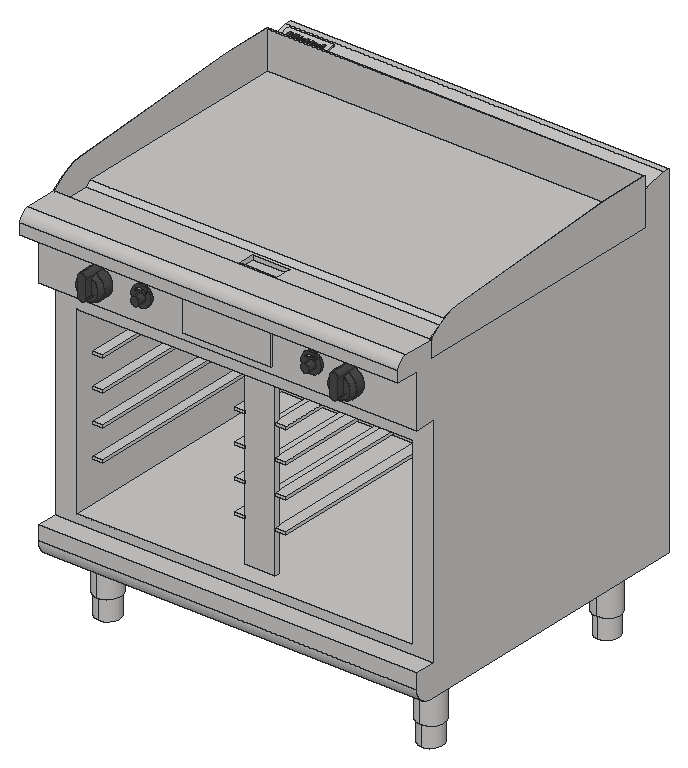
Revit family "QF_MOFFAT WALDORF_GPL8900G-CB", category Specialty Equipment, Revit 2012
Parameters
  Weight in Pounds = 440.924  # constant formula
  Width [instance] = 900.00 mm  # constant formula
  URL Cutsheet = "www.moffat.com"
  URL = "www.moffat.com"
  Type Mark [instance] = ""
  Status [instance] = ""
  Specification by User [instance] = ""
  Specification by Manufacturer = ""
  Show Logo [instance] = yes
  Show Casters [instance] = no
  Serial Number = ""
  Seismic Rating = ""
  SMACNA No = ""
  Revision Code [instance] = ""
  Omniclass Number and Title = ""
  NAFEM Spec ID Number = ""
  Model = "GPL8900G-CB"
  Mechanical Remarks = ""
  Mechanical Connection Type = ""
  Masterspec = ""
  Manufacturer = "MOFFAT WALDORF"
  Legs [instance] = not(Show Casters)  # yes
  Item Number [instance] = ""
  Installed By [instance] = ""
  Identify Quantity as Lot [instance] = yes
  Height = 970.00 mm  # constant formula
  Gas Size = 3/4"
  Gas RI Height = 0.00 mm
  Gas KW = 22.2
  Gas Input = 75825.0 Btu/h
  Gas Connection Height = 0.00 mm
  Furnished By [instance] = ""
  Foodservice Equipment Identifier [instance] = yes
  Description = "GRIDDLE PLATE LOW SPLASHBACK GAS ON CABINET BASE"
  Depth [instance] = 805.00 mm  # constant formula
  CSI MasterFormat = ""
  CSI Master Format = ""
  Back Splash [instance] = 215.00 mm  # constant formula
Reference planes
  plane 1 "BACK": y = 0
  plane 2: z = 0
  plane 3 "LEFT": x = 0
  plane 4 "RIGHT": x = 900
  plane 5 "FRONT": y = -805
  plane 6 "TOP": z = 970
  plane 7 "Center Y": x = 450
  plane 8 "Center X": y = -402.5
  plane 9 "Base Height": z = 150
  plane 10: z = 915
  plane 11: x = 65
  plane 12: x = 834
  plane 13: y = -625
  plane 14: y = -100
  plane 15: x = 770
  plane 16: z = 655
  plane 17: y = -32
Forms (mm)
  Extrusion 1, solid, material "QF_Finishes_Stainless Steel"
    sketch origin (0, 0, 0) x (0, 1, 0) y (0, 0, 1)
      loop
        line (-699, 222.5) -> (-749, 222.5) -> (-749, 188)
        arc (-749, 188) -> (-737.87, 161.13) -> (-711, 150) r 38
        line (-711, 150) -> (-699, 150) -> (-699, 222.5)
      loop
        line (-100, 150) -> (0, 150) -> (0, 970) -> (-15, 970) -> (-61.106, 957.646)
        arc (-61.106, 957.646) -> (-67.52, 953.36) -> (-70, 946.055) r 12
        line (-70, 946.055) -> (-70, 875) -> (-705, 875) -> (-705, 915) -> (-781, 915)
        arc (-781, 915) -> (-797.971, 907.971) -> (-805, 891) r 24
        line (-805, 891) -> (-805, 866) -> (-749, 866) -> (-749, 740) -> (-100, 740) -> (-100, 150)
    from 0 to 900
  Revolve 2, solid, material "QF_Finishes_Stainless Steel", visible <- "Legs"
    sketch origin (834, -210, 0) x (0, 1, 0) y (0, 0, -1)
      loop
        line (78.25, -150) -> (110, -150) -> (110, 0) -> (82.5, 0) -> (82.5, -50) -> (78.25, -50) -> (78.25, -150)
      axis (110, -150) -> (110, 0)
    angle from 0 to 360
  Revolve 3, solid, material "QF_Finishes_Stainless Steel"
    sketch origin (834, -735, 0) x (0, 1, 0) y (0, 0, -1)
      loop
        line (78.25, -150) -> (110, -150) -> (110, 0) -> (82.5, 0) -> (82.5, -50) -> (78.25, -50) -> (78.25, -150)
      axis (110, -150) -> (110, 0)
    angle from 0 to 360
  Revolve 4, solid, material "QF_Finishes_Stainless Steel", visible <- "Legs"
    sketch origin (65, -210, 0) x (0, 1, 0) y (0, 0, -1)
      loop
        line (78.25, -150) -> (110, -150) -> (110, 0) -> (82.5, 0) -> (82.5, -50) -> (78.25, -50) -> (78.25, -150)
      axis (110, -150) -> (110, 0)
    angle from 0 to 360
  Revolve 5, solid, material "QF_Finishes_Stainless Steel"
    sketch origin (65, -735, 0) x (0, 1, 0) y (0, 0, -1)
      loop
        line (78.25, -150) -> (110, -150) -> (110, 0) -> (82.5, 0) -> (82.5, -50) -> (78.25, -50) -> (78.25, -150)
      axis (110, -150) -> (110, 0)
    angle from 0 to 360
  Revolve 6, solid, material "QF_Finishes_Black"
    sketch origin (150, 0, 602.373) x (0, 1, 0) y (0, 0, -1)
      loop
        line (-782, -229.5) -> (-759, -229.5) -> (-759, -202) -> (-749, -202) -> (-749, -197) -> (-793, -197) -> (-793, -223.651) -> (-782, -229.5)
      axis (-793, -197) -> (-749, -197)
    angle from 0 to 360
  Extrusion 7, solid, material "QF_Finishes_Black"
    sketch origin (288.27, 0, 602.531) x (-1, 0, 0) y (0, 0, -1)
      loop
        arc (148.269, -184.969) -> (138.269, -174.969) -> (128.269, -184.969) r 10
        line (128.269, -184.969) -> (128.269, -223.969)
        arc (128.269, -223.969) -> (138.269, -233.969) -> (148.269, -223.969) r 10
        line (148.269, -223.969) -> (148.269, -184.969)
    from 759 to 808
  Extrusion 8, solid, material "QF_Finishes_Stainless Steel"
    sketch origin (-295, -749, 866) x (0, 0, -1) y (1, 0, 0)
      loop
        line (24, 640) -> (111, 640) -> (111, 850) -> (24, 850) -> (24, 640)
    from 0 to 2.5
  Extrusion 9, solid, material "QF_Finishes_Stainless Steel"
    sketch origin (-295, -751.5, 866) x (0, 0, -1) y (1, 0, 0)
      loop
        line (31, 850) -> (24, 850) -> (24, 640) -> (31, 640) -> (31, 850)
    from 0 to 5
  Extrusion 10, solid, material "QF_Finishes_Black"
    sketch origin (0, -749, 866) x (0, 0, -1) y (1, 0, 0)
      loop
        circle (66.25, 247.5) r 24
      loop
        arc (56.35, 262.413) -> (48.314, 247.625) -> (56.132, 232.719) r 17.868
        arc (56.132, 232.719) -> (56.612, 232.434) -> (57.127, 232.649) r 0.621
        arc (57.127, 232.649) -> (58.564, 235.208) -> (58.908, 238.122) r 7.495
        arc (58.908, 238.122) -> (58.704, 239.05) -> (58.256, 239.888) r 3.472
        arc (58.256, 239.888) -> (55.964, 247.351) -> (58.094, 254.862) r 13.786
        arc (58.094, 254.862) -> (58.734, 256.132) -> (58.999, 257.528) r 5.101
        arc (58.999, 257.528) -> (58.628, 260.047) -> (57.334, 262.239) r 6.611
        arc (57.334, 262.239) -> (56.872, 262.497) -> (56.35, 262.413) r 0.806
    from 0 to 5
  Extrusion 11, solid, material "QF_Finishes_Black"
    sketch origin (0, -754, 866) x (0, 0, -1) y (1, 0, 0)
      loop
        circle (69.75, 247.5) r 10
    from 0 to 18.251
  Extrusion 12, solid, material "QF_Finishes_Stainless Steel"
    sketch origin (0, -699, 685) x (1, 0, 0) y (0, -1, 0)
      loop
        circle (770, -667) r 13.5
    from -55 to 30
  Revolve 13, solid, material "QF_Finishes_Black"
    sketch origin (750, 0, 602.373) x (0, 1, 0) y (0, 0, 1)
      loop
        line (-782, 229.5) -> (-793, 223.651) -> (-793, 197) -> (-749, 197) -> (-749, 202) -> (-759, 202) -> (-759, 229.5) -> (-782, 229.5)
      axis (-793, 197) -> (-749, 197)
    angle from 0 to 360
  Extrusion 14, solid, material "QF_Finishes_Black"
    sketch origin (611.73, 0, 602.531) x (1, 0, 0) y (0, 0, 1)
      loop
        line (148.269, 184.969) -> (148.269, 223.969)
        arc (148.269, 223.969) -> (138.269, 233.969) -> (128.269, 223.969) r 10
        line (128.269, 223.969) -> (128.269, 184.969)
        arc (128.269, 184.969) -> (138.269, 174.969) -> (148.269, 184.969) r 10
    from 759 to 808
  Extrusion 15, solid, material "QF_Finishes_Black"
    sketch origin (900, -749, 866) x (0, 0, -1) y (1, 0, 0)
      loop
        circle (66.25, -247.5) r 24
      loop
        arc (56.35, -262.413) -> (56.872, -262.497) -> (57.334, -262.239) r 0.806
        arc (57.334, -262.239) -> (58.628, -260.047) -> (58.999, -257.528) r 6.611
        arc (58.999, -257.528) -> (58.734, -256.132) -> (58.094, -254.862) r 5.101
        arc (58.094, -254.862) -> (55.964, -247.351) -> (58.256, -239.888) r 13.786
        arc (58.256, -239.888) -> (58.704, -239.05) -> (58.908, -238.122) r 3.472
        arc (58.908, -238.122) -> (58.564, -235.208) -> (57.127, -232.649) r 7.495
        arc (57.127, -232.649) -> (56.612, -232.434) -> (56.132, -232.719) r 0.621
        arc (56.132, -232.719) -> (48.314, -247.625) -> (56.35, -262.413) r 17.868
    from 0 to 5
  Extrusion 16, solid, material "QF_Finishes_Black"
    sketch origin (900, -754, 866) x (0, 0, -1) y (1, 0, 0)
      loop
        circle (69.75, -247.5) r 10
    from 0 to 18.251
  Extrusion 17, solid, material "QF_Finishes_Stainless Steel"
    sketch origin (0, -100, 685) x (0, 0, 1) y (-1, 0, 0)
      loop
        line (55, 0) -> (-535, 0) -> (-535, -900) -> (55, -900) -> (55, 0)
      loop
        line (-5, -50) -> (-442.5, -50) -> (-442.5, -850) -> (-5, -850) -> (-5, -50)
    from 0 to 599
  Extrusion 18, solid, material "QF_Finishes_Stainless Steel"
    sketch origin (0, -100, 685) x (0, 0, 1) y (-1, 0, 0)
      loop
        line (-5, -485.5) -> (-5, -414.5) -> (-442.5, -414.5) -> (-442.5, -485.5) -> (-5, -485.5)
    from 543.302 to 553.302
  Extrusion 19, solid, material "QF_Finishes_Stainless Steel"
    sketch origin (0, -100, 685) x (0, 0, 1) y (-1, 0, 0)
      loop
        line (-196.25, -414.5) -> (-189.9, -414.5) -> (-189.9, -389.5) -> (-196.25, -389.5) -> (-196.25, -414.5)
      loop
        line (-271.25, -414.5) -> (-264.9, -414.5) -> (-264.9, -389.5) -> (-271.25, -389.5) -> (-271.25, -414.5)
      loop
        line (-271.25, -50) -> (-271.25, -75) -> (-264.9, -75) -> (-264.9, -50) -> (-271.25, -50)
      loop
        line (-189.9, -75) -> (-189.9, -50) -> (-196.25, -50) -> (-196.25, -75) -> (-189.9, -75)
      loop
        line (-346.25, -414.5) -> (-339.9, -414.5) -> (-339.9, -389.5) -> (-346.25, -389.5) -> (-346.25, -414.5)
      loop
        line (-346.25, -50) -> (-346.25, -75) -> (-339.9, -75) -> (-339.9, -50) -> (-346.25, -50)
      loop
        line (-121.25, -414.5) -> (-114.9, -414.5) -> (-114.9, -389.5) -> (-121.25, -389.5) -> (-121.25, -414.5)
      loop
        line (-114.9, -75) -> (-114.9, -50) -> (-121.25, -50) -> (-121.25, -75) -> (-114.9, -75)
      loop
        line (-196.25, -485.5) -> (-196.25, -510.5) -> (-189.9, -510.5) -> (-189.9, -485.5) -> (-196.25, -485.5)
      loop
        line (-271.25, -485.5) -> (-271.25, -510.5) -> (-264.9, -510.5) -> (-264.9, -485.5) -> (-271.25, -485.5)
      loop
        line (-271.25, -850) -> (-264.9, -850) -> (-264.9, -825) -> (-271.25, -825) -> (-271.25, -850)
      loop
        line (-189.9, -825) -> (-196.25, -825) -> (-196.25, -850) -> (-189.9, -850) -> (-189.9, -825)
      loop
        line (-346.25, -485.5) -> (-346.25, -510.5) -> (-339.9, -510.5) -> (-339.9, -485.5) -> (-346.25, -485.5)
      loop
        line (-346.25, -850) -> (-339.9, -850) -> (-339.9, -825) -> (-346.25, -825) -> (-346.25, -850)
      loop
        line (-121.25, -485.5) -> (-121.25, -510.5) -> (-114.9, -510.5) -> (-114.9, -485.5) -> (-121.25, -485.5)
      loop
        line (-114.9, -825) -> (-121.25, -825) -> (-121.25, -850) -> (-114.9, -850) -> (-114.9, -825)
    from 0 to 553.302
  Extrusion 20, void
    sketch origin (0, 0, 150) x (-1, 0, 0) y (0, -1, 0)
      loop
        line (-832.738, 87.26) -> (-832.738, -30.24) -> (-703.238, -30.24) -> (-703.238, 38.76) -> (-751.738, 87.26) -> (-832.738, 87.26)
    from 72.5 to 590
Cuts and joins
  joined: Extrusion 8, Extrusion 9
  Extrusion 20 cuts Extrusion 1
  joined: Extrusion 1, Extrusion 17
Lines and regions (mm)
  Split face 1
    outline origin (12.5, -17.878, 969.229) x (0, -0.965926, -0.258819) y (1, 0, 0)
      loop
        line (2.411, 151.462) -> (37.194, 151.462) -> (37.194, 169.241) -> (2.411, 169.241) -> (2.411, 151.462)
  Split face 2
    outline origin (66.25, -17.878, 969.229) x (0, -0.965926, -0.258819) y (1, 0, 0)
      loop
        line (2.411, 151.462) -> (37.194, 151.462) -> (37.194, 169.241) -> (2.411, 169.241) -> (2.411, 151.462)
  Split face 3
    outline origin (120, -17.878, 969.229) x (0, -0.965926, -0.258819) y (1, 0, 0)
      loop
        line (2.411, 151.462) -> (37.194, 151.462) -> (37.194, 169.241) -> (2.411, 169.241) -> (2.411, 151.462)
  Split face 4
    outline origin (-121.25, -17.878, 969.229) x (0, -0.965926, -0.258819) y (1, 0, 0)
      loop
        line (2.411, 451.462) -> (37.194, 451.462) -> (37.194, 469.241) -> (2.411, 469.241) -> (2.411, 451.462)
  Split face 5
    outline origin (-67.5, -17.878, 969.229) x (0, -0.965926, -0.258819) y (1, 0, 0)
      loop
        line (2.411, 451.462) -> (37.194, 451.462) -> (37.194, 469.241) -> (2.411, 469.241) -> (2.411, 451.462)
  Split face 6
    outline origin (-13.75, -17.878, 969.229) x (0, -0.965926, -0.258819) y (1, 0, 0)
      loop
        line (2.411, 451.462) -> (37.194, 451.462) -> (37.194, 469.241) -> (2.411, 469.241) -> (2.411, 451.462)
  Split face 7
    outline origin (40, -17.878, 969.229) x (0, -0.965926, -0.258819) y (1, 0, 0)
      loop
        line (2.411, 451.462) -> (37.194, 451.462) -> (37.194, 469.241) -> (2.411, 469.241) -> (2.411, 451.462)
  Split face 8
    outline origin (95, -17.878, 969.229) x (0, -0.965926, -0.258819) y (1, 0, 0)
      loop
        line (2.411, 451.462) -> (37.194, 451.462) -> (37.194, 469.241) -> (2.411, 469.241) -> (2.411, 451.462)
  Split face 9
    outline origin (148.257, -17.878, 969.229) x (0, -0.965926, -0.258819) y (1, 0, 0)
      loop
        line (2.411, 451.462) -> (37.194, 451.462) -> (37.194, 469.241) -> (2.411, 469.241) -> (2.411, 451.462)
  Split face 10
    outline origin (203.257, -17.878, 969.229) x (0, -0.965926, -0.258819) y (1, 0, 0)
      loop
        line (2.411, 451.462) -> (37.194, 451.462) -> (37.194, 469.241) -> (2.411, 469.241) -> (2.411, 451.462)
  Split face 11
    outline origin (256.727, -17.878, 969.229) x (0, -0.965926, -0.258819) y (1, 0, 0)
      loop
        line (2.411, 451.462) -> (37.194, 451.462) -> (37.194, 469.241) -> (2.411, 469.241) -> (2.411, 451.462)
  symbolic lines
    curve 1: line (0, 0, 0) -> (0, -805, 0)
    curve 2: line (900, 0, 0) -> (0, 0, 0)
    curve 3: line (900, -805, 0) -> (900, 0, 0)
    curve 4: line (0, -70, 0) -> (900, -70, 0)
    curve 5: line (0, -805, 0) -> (900, -805, 0)
    curve 6: line (12.5, -20.958, 0) -> (121.5, -20.958, 0)
    curve 7: line (12.5, -53.858, 0) -> (12.5, -20.958, 0)
    curve 8: line (121.5, -20.958, 0) -> (121.5, -53.858, 0)
    curve 9: line (12.5, -53.858, 0) -> (121.5, -53.858, 0)
    curve 10: line (181.741, -20.207, 0) -> (181.741, -53.804, 0)
    curve 11: line (181.741, -53.804, 0) -> (163.962, -53.804, 0)
    curve 12: line (163.962, -53.804, 0) -> (163.962, -20.207, 0)
    curve 13: line (163.962, -20.207, 0) -> (181.741, -20.207, 0)
    curve 14: line (217.712, -53.804, 0) -> (217.712, -20.207, 0)
    curve 15: line (217.712, -20.207, 0) -> (235.491, -20.207, 0)
    curve 16: line (235.491, -20.207, 0) -> (235.491, -53.804, 0)
    curve 17: line (235.491, -53.804, 0) -> (217.712, -53.804, 0)
    curve 18: line (289.241, -53.804, 0) -> (271.462, -53.804, 0)
    curve 19: line (271.462, -53.804, 0) -> (271.462, -20.207, 0)
    curve 20: line (271.462, -20.207, 0) -> (289.241, -20.207, 0)
    curve 21: line (289.241, -20.207, 0) -> (289.241, -53.804, 0)
    curve 22: line (347.991, -53.804, 0) -> (330.212, -53.804, 0)
    curve 23: line (330.212, -53.804, 0) -> (330.212, -20.207, 0)
    curve 24: line (330.212, -20.207, 0) -> (347.991, -20.207, 0)
    curve 25: line (347.991, -20.207, 0) -> (347.991, -53.804, 0)
    curve 26: line (401.741, -53.804, 0) -> (383.962, -53.804, 0)
    curve 27: line (383.962, -53.804, 0) -> (383.962, -20.207, 0)
    curve 28: line (383.962, -20.207, 0) -> (401.741, -20.207, 0)
    curve 29: line (401.741, -20.207, 0) -> (401.741, -53.804, 0)
    curve 30: line (455.491, -20.207, 0) -> (437.712, -20.207, 0)
    curve 31: line (437.712, -20.207, 0) -> (437.712, -53.804, 0)
    curve 32: line (437.712, -53.804, 0) -> (455.491, -53.804, 0)
    curve 33: line (455.491, -53.804, 0) -> (455.491, -20.207, 0)
    curve 34: line (491.462, -20.207, 0) -> (509.241, -20.207, 0)
    curve 35: line (509.241, -20.207, 0) -> (509.241, -53.804, 0)
    curve 36: line (509.241, -53.804, 0) -> (491.462, -53.804, 0)
    curve 37: line (491.462, -53.804, 0) -> (491.462, -20.207, 0)
    curve 38: line (546.462, -20.207, 0) -> (564.241, -20.207, 0)
    curve 39: line (564.241, -20.207, 0) -> (564.241, -53.804, 0)
    curve 40: line (564.241, -53.804, 0) -> (546.462, -53.804, 0)
    curve 41: line (546.462, -53.804, 0) -> (546.462, -20.207, 0)
    curve 42: line (617.498, -20.207, 0) -> (599.719, -20.207, 0)
    curve 43: line (599.719, -20.207, 0) -> (599.719, -53.804, 0)
    curve 44: line (599.719, -53.804, 0) -> (617.498, -53.804, 0)
    curve 45: line (617.498, -53.804, 0) -> (617.498, -20.207, 0)
    curve 46: line (672.498, -20.207, 0) -> (654.719, -20.207, 0)
    curve 47: line (654.719, -20.207, 0) -> (654.719, -53.804, 0)
    curve 48: line (654.719, -53.804, 0) -> (672.498, -53.804, 0)
    curve 49: line (672.498, -53.804, 0) -> (672.498, -20.207, 0)
    curve 50: line (725.968, -20.207, 0) -> (725.968, -53.804, 0)
    curve 51: line (725.968, -53.804, 0) -> (708.189, -53.804, 0)
    curve 52: line (708.189, -53.804, 0) -> (708.189, -20.207, 0)
    curve 53: line (708.189, -20.207, 0) -> (725.968, -20.207, 0)
Dimensions and locks
  equal spacing: plane 3 "LEFT", plane 7 "Center Y", plane 4 "RIGHT"
  "Width": plane 3 "LEFT" to plane 4 "RIGHT"
  equal spacing: plane 5 "FRONT", plane 8 "Center X", plane 1 "BACK"
  "Depth": plane 5 "FRONT" to plane 1 "BACK"
  locked: plane 10 to level at 915
  locked: plane 9 "Base Height" to level at 150
  plane 6 "TOP" to plane 10 = 55.00 mm
  plane 13 to plane 14 = 525.00 mm
  plane 12 to plane 11 = 769.00 mm
  "Height": plane 6 "TOP" to level
  plane 15 to plane 4 "RIGHT" = 130.00 mm
  plane 16 to level = 655.00 mm
  plane 17 to plane 1 "BACK" = 32.00 mm
  aligned and locked: level to plane 2
Automatic sketch dimensions
  plane 1 "BACK" to curve 1 = 0.00 mm
  curve 1 to plane 3 "LEFT" = 0.00 mm
  curve 2 to plane 4 "RIGHT" = 0.00 mm
  plane 5 "FRONT" to curve 1 = 0.00 mm
  plane 3 "LEFT" to curve 9 = 12.50 mm
  curve 9 to plane 17 = 21.858 mm
  plane 11 to curve 9 = 56.50 mm
  plane 17 to curve 12 = 11.793 mm
  curve 6 to curve 12 = 42.462 mm
  curve 12 to curve 10 = 17.779 mm
  plane 17 to curve 15 = 11.793 mm
  curve 10 to curve 15 = 35.971 mm
  curve 14 to curve 17 = 17.779 mm
  curve 4 to curve 7 = 16.142 mm
  curve 17 to plane 17 = 21.804 mm
  curve 12 to plane 17 = 21.804 mm
  plane 17 to curve 8 = 11.042 mm
  Revolve 2 sketch curve to plane 9 "Base Height" = 0.00 mm
  Revolve 2 sketch curve to level = 0.00 mm
  Revolve 2 sketch curve to plane 14 = 0.00 mm  (x2)
  Revolve 2 sketch curve to plane 14 = 27.50 mm
  Revolve 2 sketch curve to plane 14 = 31.75 mm
  level to Revolve 2 sketch curve = 50.00 mm
  Revolve 2 sketch curve to Revolve 2 sketch curve = 0.00 mm
  Revolve 2 sketch curve to Revolve 2 sketch curve = 55.00 mm
  Revolve 3 sketch curve to plane 9 "Base Height" = 0.00 mm
  Revolve 3 sketch curve to level = 0.00 mm
  Revolve 3 sketch curve to plane 13 = 0.00 mm  (x2)
  Revolve 3 sketch curve to plane 13 = 27.50 mm
  Revolve 3 sketch curve to plane 13 = 31.75 mm
  level to Revolve 3 sketch curve = 50.00 mm
  Revolve 3 sketch curve to Revolve 3 sketch curve = 0.00 mm
  Revolve 3 sketch curve to Revolve 3 sketch curve = 55.00 mm
  Revolve 4 sketch curve to plane 9 "Base Height" = 0.00 mm
  Revolve 4 sketch curve to level = 0.00 mm
  Revolve 4 sketch curve to plane 14 = 0.00 mm  (x2)
  Revolve 4 sketch curve to plane 14 = 27.50 mm
  Revolve 4 sketch curve to plane 14 = 31.75 mm
  level to Revolve 4 sketch curve = 50.00 mm
  Revolve 4 sketch curve to Revolve 4 sketch curve = 0.00 mm
  Revolve 4 sketch curve to Revolve 4 sketch curve = 55.00 mm
  Revolve 5 sketch curve to plane 9 "Base Height" = 0.00 mm
  Revolve 5 sketch curve to level = 0.00 mm
  Revolve 5 sketch curve to plane 13 = 0.00 mm  (x2)
  Revolve 5 sketch curve to plane 13 = 27.50 mm
  Revolve 5 sketch curve to plane 13 = 31.75 mm
  level to Revolve 5 sketch curve = 50.00 mm
  Revolve 5 sketch curve to Revolve 5 sketch curve = 0.00 mm
  Revolve 5 sketch curve to Revolve 5 sketch curve = 55.00 mm
  Extrusion 1 to Split face 1 sketch curve = 5.391 mm
  Split face 1 sketch curve to Extrusion 1 = 7.559 mm
  Split face 1 sketch curve to Extrusion 1 = 163.962 mm
  Split face 1 sketch curve to Split face 1 sketch curve = 17.779 mm
  Extrusion 1 to Split face 2 sketch curve = 5.391 mm
  Split face 2 sketch curve to Extrusion 1 = 7.559 mm
  Split face 2 sketch curve to Extrusion 1 = 217.712 mm
  Split face 2 sketch curve to Split face 2 sketch curve = 17.779 mm
  Extrusion 1 to Split face 3 sketch curve = 5.391 mm
  Split face 3 sketch curve to Extrusion 1 = 7.559 mm
  Split face 3 sketch curve to Extrusion 1 = 271.462 mm
  Split face 3 sketch curve to Split face 3 sketch curve = 17.779 mm
  Extrusion 1 to Split face 4 sketch curve = 5.391 mm
  Split face 4 sketch curve to Extrusion 1 = 7.559 mm
  Split face 4 sketch curve to Extrusion 1 = 330.212 mm
  Split face 4 sketch curve to Split face 4 sketch curve = 17.779 mm
  Extrusion 1 to Split face 5 sketch curve = 5.391 mm
  Split face 5 sketch curve to Extrusion 1 = 7.559 mm
  Split face 5 sketch curve to Extrusion 1 = 383.962 mm
  Split face 5 sketch curve to Split face 5 sketch curve = 17.779 mm
  Extrusion 1 to Split face 6 sketch curve = 5.391 mm
  Split face 6 sketch curve to Extrusion 1 = 7.559 mm
  Split face 6 sketch curve to Extrusion 1 = 437.712 mm
  Split face 6 sketch curve to Split face 6 sketch curve = 17.779 mm
  Extrusion 1 to Split face 7 sketch curve = 5.391 mm
  Split face 7 sketch curve to Extrusion 1 = 7.559 mm
  Split face 7 sketch curve to Extrusion 1 = 408.538 mm
  Split face 7 sketch curve to Split face 7 sketch curve = 17.779 mm
  Revolve 6 sketch curve to plane 5 "FRONT" = 12.00 mm
  Revolve 6 sketch curve to Revolve 6 sketch curve = 0.00 mm  (x2)
  Revolve 6 sketch curve to Revolve 6 sketch curve = 11.00 mm
  Revolve 6 sketch curve to Revolve 6 sketch curve = 12.70 mm
  Revolve 6 sketch curve to Revolve 6 sketch curve = 23.00 mm
  Revolve 6 sketch curve to Revolve 6 sketch curve = 10.00 mm
  Revolve 6 sketch curve to plane 10 = 83.127 mm
  Revolve 6 sketch curve to Revolve 6 sketch curve = 5.849 mm
  Revolve 6 sketch curve to Revolve 6 sketch curve = 27.50 mm
  Revolve 6 sketch curve to Revolve 6 sketch curve = 5.00 mm
  plane 11 to Extrusion 7 sketch curve = 95.001 mm
  Extrusion 7 sketch curve to Extrusion 7 sketch curve = 10.00 mm
  Extrusion 7 sketch curve to plane 10 = 88.50 mm
  Extrusion 7 sketch curve to Extrusion 7 sketch curve = 39.00 mm
  Extrusion 1 to Extrusion 8 sketch curve = 24.00 mm
  Extrusion 8 sketch curve to Extrusion 1 = 15.00 mm
  Extrusion 1 to Extrusion 8 sketch curve = 345.00 mm
  Extrusion 8 sketch curve to Extrusion 8 sketch curve = 210.00 mm
  Extrusion 9 sketch curve to Extrusion 8 = 0.00 mm  (x2)
  Extrusion 8 to Extrusion 9 sketch curve = 0.00 mm
  Extrusion 9 sketch curve to Extrusion 8 = 7.00 mm
  Extrusion 1 to Extrusion 10 sketch curve = 51.437 mm
  Extrusion 10 sketch curve to Extrusion 10 sketch curve = 0.958 mm
  Extrusion 10 sketch curve to Extrusion 10 sketch curve = 1.509 mm
  Extrusion 10 sketch curve to Extrusion 10 sketch curve = 4.01 mm
  Extrusion 10 sketch curve to Extrusion 10 sketch curve = 0.685 mm
  Extrusion 10 sketch curve to Extrusion 10 sketch curve = 2.447 mm
  Extrusion 10 sketch curve to Extrusion 10 sketch curve = 0.524 mm
  Extrusion 10 sketch curve to Extrusion 10 sketch curve = 0.381 mm
  Extrusion 10 sketch curve to Extrusion 10 sketch curve = 0.472 mm
  Extrusion 10 sketch curve to Extrusion 10 sketch curve = 0.00 mm  (x5)
  Extrusion 10 sketch curve to Extrusion 10 sketch curve = 0.602 mm
  Extrusion 10 sketch curve to Extrusion 10 sketch curve = 4.19 mm
  Extrusion 10 sketch curve to Extrusion 10 sketch curve = 2.809 mm
  Extrusion 10 sketch curve to Extrusion 10 sketch curve = 0.652 mm
  Extrusion 10 sketch curve to Extrusion 10 sketch curve = 0.905 mm
  Extrusion 10 sketch curve to Extrusion 10 sketch curve = 8.087 mm
  Extrusion 10 sketch curve to Extrusion 10 sketch curve = 0.069 mm
  Extrusion 10 sketch curve to Extrusion 10 sketch curve = 3.50 mm
  Extrusion 1 to Extrusion 10 sketch curve = 232.649 mm
  Extrusion 10 sketch curve to Extrusion 10 sketch curve = 0.07 mm
  Extrusion 10 sketch curve to Extrusion 10 sketch curve = 7.606 mm
  Extrusion 10 sketch curve to Extrusion 10 sketch curve = 0.007 mm
  Revolve 13 sketch curve to plane 5 "FRONT" = 12.00 mm
  Revolve 13 sketch curve to Revolve 13 sketch curve = 0.00 mm  (x2)
  Revolve 13 sketch curve to Revolve 13 sketch curve = 11.00 mm
  Revolve 13 sketch curve to Revolve 13 sketch curve = 12.70 mm
  Revolve 13 sketch curve to Revolve 13 sketch curve = 23.00 mm
  Revolve 13 sketch curve to Revolve 13 sketch curve = 10.00 mm
  Revolve 13 sketch curve to plane 10 = 115.627 mm
  Revolve 13 sketch curve to Revolve 13 sketch curve = 5.00 mm
  Revolve 13 sketch curve to Revolve 13 sketch curve = 26.651 mm
  Revolve 13 sketch curve to Revolve 13 sketch curve = 5.849 mm
  Extrusion 14 sketch curve to plane 15 = 30.001 mm
  Extrusion 14 sketch curve to Extrusion 14 sketch curve = 10.00 mm
  Extrusion 14 sketch curve to plane 10 = 127.50 mm
  Extrusion 14 sketch curve to Extrusion 14 sketch curve = 39.00 mm
  Extrusion 1 to Extrusion 15 sketch curve = 51.437 mm
  Extrusion 15 sketch curve to Extrusion 15 sketch curve = 0.958 mm
  Extrusion 15 sketch curve to Extrusion 15 sketch curve = 1.509 mm
  Extrusion 15 sketch curve to Extrusion 15 sketch curve = 4.01 mm
  Extrusion 15 sketch curve to Extrusion 15 sketch curve = 0.685 mm
  Extrusion 15 sketch curve to Extrusion 15 sketch curve = 2.447 mm
  Extrusion 15 sketch curve to Extrusion 15 sketch curve = 0.524 mm
  Extrusion 15 sketch curve to Extrusion 15 sketch curve = 0.381 mm
  Extrusion 15 sketch curve to Extrusion 15 sketch curve = 0.472 mm
  Extrusion 15 sketch curve to Extrusion 15 sketch curve = 0.00 mm  (x5)
  Extrusion 15 sketch curve to Extrusion 15 sketch curve = 0.602 mm
  Extrusion 15 sketch curve to Extrusion 15 sketch curve = 4.19 mm
  Extrusion 15 sketch curve to Extrusion 15 sketch curve = 2.809 mm
  Extrusion 15 sketch curve to Extrusion 15 sketch curve = 0.652 mm
  Extrusion 15 sketch curve to Extrusion 15 sketch curve = 0.905 mm
  Extrusion 15 sketch curve to Extrusion 15 sketch curve = 8.087 mm
  Extrusion 15 sketch curve to Extrusion 15 sketch curve = 0.069 mm
  Extrusion 15 sketch curve to Extrusion 15 sketch curve = 3.50 mm
  Extrusion 1 to Extrusion 15 sketch curve = 262.413 mm
  Extrusion 15 sketch curve to Extrusion 15 sketch curve = 0.175 mm
  Extrusion 15 sketch curve to Extrusion 15 sketch curve = 7.362 mm
  Extrusion 15 sketch curve to Extrusion 15 sketch curve = 0.007 mm
  Extrusion 1 to Split face 8 sketch curve = 5.391 mm
  Split face 8 sketch curve to Extrusion 1 = 7.559 mm
  Split face 8 sketch curve to Extrusion 1 = 353.538 mm
  Split face 8 sketch curve to Split face 8 sketch curve = 17.779 mm
  Extrusion 1 to Split face 9 sketch curve = 5.391 mm
  Split face 9 sketch curve to Extrusion 1 = 7.559 mm
  Split face 9 sketch curve to Extrusion 1 = 300.281 mm
  Split face 9 sketch curve to Split face 9 sketch curve = 17.779 mm
  Extrusion 1 to Split face 10 sketch curve = 5.391 mm
  Split face 10 sketch curve to Extrusion 1 = 7.559 mm
  Split face 10 sketch curve to Extrusion 1 = 245.281 mm
  Split face 10 sketch curve to Split face 10 sketch curve = 17.779 mm
  Extrusion 1 to Split face 11 sketch curve = 5.391 mm
  Split face 11 sketch curve to Extrusion 1 = 7.559 mm
  Split face 11 sketch curve to Extrusion 1 = 191.811 mm
  Split face 11 sketch curve to Split face 11 sketch curve = 17.779 mm
  plane 17 to curve 19 = 11.793 mm
  curve 15 to curve 19 = 35.971 mm
  curve 18 to curve 18 = 17.779 mm
  curve 18 to plane 17 = 21.804 mm
  plane 17 to curve 24 = 11.793 mm
  curve 20 to curve 24 = 40.971 mm
  curve 22 to curve 22 = 17.779 mm
  curve 22 to plane 17 = 21.804 mm
  plane 17 to curve 28 = 11.793 mm
  curve 24 to curve 28 = 35.971 mm
  curve 26 to curve 26 = 17.779 mm
  curve 26 to plane 17 = 21.804 mm
  curve 32 to plane 7 "Center Y" = 12.288 mm
  plane 7 "Center Y" to curve 30 = 5.491 mm
  curve 32 to plane 17 = 21.804 mm
  plane 17 to curve 33 = 11.793 mm
  curve 32 to curve 36 = 35.971 mm
  curve 36 to curve 36 = 17.779 mm
  curve 36 to plane 17 = 21.804 mm
  plane 17 to curve 37 = 11.793 mm
  curve 35 to curve 40 = 37.221 mm
  curve 40 to curve 40 = 17.779 mm
  curve 40 to plane 17 = 21.804 mm
  plane 17 to curve 41 = 11.793 mm
  plane 17 to curve 42 = 11.793 mm
  curve 38 to curve 42 = 35.478 mm
  curve 42 to curve 42 = 17.779 mm
  curve 44 to plane 17 = 21.804 mm
  plane 17 to curve 46 = 11.793 mm
  curve 42 to curve 46 = 37.221 mm
  curve 46 to curve 46 = 17.779 mm
  curve 48 to plane 17 = 21.804 mm
  curve 48 to curve 51 = 35.691 mm
  curve 51 to curve 50 = 17.779 mm
  curve 51 to plane 17 = 21.804 mm
  plane 17 to curve 52 = 11.793 mm
  Extrusion 1 sketch curve to plane 5 "FRONT" = 0.00 mm
  Extrusion 1 sketch curve to plane 10 = 0.00 mm
  Extrusion 1 sketch curve to plane 9 "Base Height" = 0.00 mm  (x2)
  Extrusion 1 sketch curve to plane 14 = 0.00 mm
  Extrusion 1 sketch curve to plane 6 "TOP" = 0.00 mm
  Extrusion 1 sketch curve to plane 1 "BACK" = 0.00 mm
  Extrusion 1 sketch curve to plane 5 "FRONT" = 24.00 mm
  Extrusion 1 sketch curve to Extrusion 1 sketch curve = 32.00 mm
  Extrusion 1 sketch curve to plane 5 "FRONT" = 56.00 mm
  Extrusion 1 sketch curve to Extrusion 1 sketch curve = 38.00 mm
  Extrusion 1 sketch curve to Extrusion 1 sketch curve = 44.00 mm
  Extrusion 1 sketch curve to Extrusion 1 sketch curve = 12.00 mm
  plane 14 to Extrusion 1 sketch curve = 30.00 mm
  Extrusion 1 sketch curve to Extrusion 1 sketch curve = 8.894 mm
  Extrusion 1 sketch curve to Extrusion 1 sketch curve = 3.106 mm
  Extrusion 1 sketch curve to Extrusion 1 sketch curve = 15.00 mm
  Extrusion 1 sketch curve to Extrusion 1 sketch curve = 34.50 mm
  plane 16 to Extrusion 1 sketch curve = 85.00 mm
  Extrusion 1 sketch curve to Extrusion 1 sketch curve = 25.00 mm
  Extrusion 1 sketch curve to plane 10 = 40.00 mm
  Extrusion 1 sketch curve to plane 6 "TOP" = 23.945 mm
  Extrusion 12 sketch curve to plane 15 = 0.00 mm
  Extrusion 12 sketch curve to plane 17 = 0.00 mm
  Extrusion 17 sketch curve to Extrusion 1 = 0.00 mm  (x4)
  Extrusion 1 to Extrusion 17 sketch curve = 92.50 mm
  Extrusion 1 to Extrusion 17 sketch curve = 60.00 mm
  Extrusion 1 to Extrusion 17 sketch curve = 50.00 mm  (x2)
  Extrusion 1 to Extrusion 19 sketch curve = 75.00 mm  (x2)
  Extrusion 1 to Extrusion 19 sketch curve = 188.75 mm  (x3)
  Extrusion 19 sketch curve to Extrusion 19 sketch curve = 0.00 mm  (x6)
  Extrusion 1 to Extrusion 19 sketch curve = 50.00 mm  (x4)
  Extrusion 19 sketch curve to Extrusion 19 sketch curve = 6.35 mm  (x16)
  Extrusion 19 sketch curve to Extrusion 19 sketch curve = 68.65 mm  (x12)
  Extrusion 19 sketch curve to Extrusion 19 sketch curve = 25.00 mm  (x16)
  Extrusion 19 sketch curve to Extrusion 19 sketch curve = 314.50 mm
  Extrusion 19 sketch curve to Extrusion 19 sketch curve = 71.00 mm  (x4)
  Extrusion 1 to Extrusion 18 sketch curve = 92.50 mm
  Extrusion 1 to Extrusion 18 sketch curve = 60.00 mm
  Extrusion 1 to Extrusion 18 sketch curve = 414.50 mm
  Extrusion 18 sketch curve to Extrusion 18 sketch curve = 71.00 mm
  plane 12 to Extrusion 20 sketch curve = 1.262 mm
  Extrusion 20 sketch curve to plane 15 = 18.262 mm
  Extrusion 20 sketch curve to plane 17 = 6.76 mm
  Extrusion 20 sketch curve to plane 15 = 66.762 mm
  Extrusion 20 sketch curve to plane 1 "BACK" = 30.24 mm
  plane 14 to Extrusion 20 sketch curve = 12.74 mm
  radius of Extrusion 10 sketch curve = 24.00 mm
  radius of Extrusion 11 sketch curve to Extrusion 10 = 3.786 mm
  radius of Extrusion 12 sketch curve = 13.50 mm
  radius of Extrusion 15 sketch curve = 24.00 mm
  radius of Extrusion 16 sketch curve to Extrusion 15 = 3.786 mm
Nested families
  nested 1: "GPL8900G-CB-CASTERS" at (65, -127.5, 0), Show Casters <- "Show Casters", visible <- "Show Casters", type "GPL8900G-CB-CASTERS"
    with Type Mark "", Status "", Specification by User "", Show Casters no, Revision Code "", Item Number "", Installed By "", Identify Quantity as Lot yes, Furnished By "", Foodservice Equipment Identifier yes
  nested 2: "GPL8900G-CB-CASTERS" at (835, -127.5, 0), Show Casters <- "Show Casters", visible <- "Show Casters", type "GPL8900G-CB-CASTERS"
    with Type Mark "", Status "", Specification by User "", Show Casters no, Revision Code "", Item Number "", Installed By "", Identify Quantity as Lot yes, Furnished By "", Foodservice Equipment Identifier yes
  nested 3: "GAS GRIDDLE PLATE" at (0, -70, 874.5), type "GAS GRIDDLE PLATE"
    with Type Mark "", Status "", Specification by User "", Show Clearance yes, Revision Code "", Item Number "", Installed By "", Identify Quantity as Lot yes, Furnished By "", Foodservice Equipment Identifier yes
  nested 4: "WALDORF LOGO_FACE BASE" at (12.5, -21.362, 968.295) x (1, 0, 0) z (0, -0.2588, 0.9659), visible <- "Show Logo", type "WALDORF LOGO_FACE BASE", detail levels medium+fine
    with Show Logo yes
Connectors
  piping at (770, -32, 655)
    settings: on Extrusion 12, index 1, connector radius 0.37402", flow factor 0, pipe flow 0 GPM, pressure drop 0.00 psi, fitting loss kfactor 0, connector angle 0.00°, fixture units 0, engagement length 0.00 mm, flow configuration 1, flow direction 1, fitting loss method 0, system type 7, joint type 0, gender type 0, connector reference index -1, connector utility 0, adjustable connector no, is connector primary yes, fitting loss table "", connector description "GAS CONNECTION"
Definition of nested family "GAS GRIDDLE PLATE"
  Parameters (values of type "GAS GRIDDLE PLATE")
    Weight in Pounds = 0
    URL Cutsheet = ""
    Type Mark [instance] = ""
    Status [instance] = ""
    Specification by User [instance] = ""
    Specification by Manufacturer = ""
    Show Clearance [instance] = yes
    Serial Number = ""
    Seismic Rating = ""
    SMACNA No = ""
    Revision Code [instance] = ""
    Omniclass Number and Title = ""
    NAFEM Spec ID Number = ""
    Masterspec = ""
    Item Number [instance] = ""
    Installed By [instance] = ""
    Identify Quantity as Lot [instance] = yes
    Furnished By [instance] = ""
    Foodservice Equipment Identifier [instance] = yes
    CSI MasterFormat = ""
    CSI Master Format = ""
  Reference planes
    plane 1 "BACK": y = 0
    plane 2: z = 0
    plane 3 "LEFT": x = 0
    plane 4 "RIGHT": x = 900
    plane 5 "FRONT": y = -634.4
    plane 6 "TOP": z = 142.5
    plane 7 "Center Y": x = 450
    plane 8 "Center X": y = -317.2
  Forms (mm)
    Extrusion 1, solid, material "QF_Finishes_Stainless Steel"
      sketch origin (0, 70.003, -874.5) x (0, 1, 0) y (0, 0, 1)
        loop
          line (-70, 875) -> (-70, 984.5) -> (-191.003, 984.5) -> (-626.368, 954.056)
          arc (-626.368, 954.056) -> (-652.773, 948.564) -> (-676.75, 936.215) r 100
          line (-676.75, 936.215) -> (-704.403, 916.852) -> (-704.403, 875) -> (-70, 875)
      from 0 to 1.8
    Extrusion 2, solid, material "QF_Finishes_Stainless Steel"
      sketch origin (150, 70.003, -874.5) x (0, 1, 0) y (0, 0, 1)
        loop
          line (-70, 895) -> (-601, 895) -> (-611.5, 884.5) -> (-704.403, 884.5) -> (-704.403, 875) -> (-70, 875) -> (-70, 895)
      from -148.2 to 748.2
    Extrusion 3, void
      sketch origin (-218.85, -541.497, 10) x (0, -1, 0) y (1, 0, 0)
        loop
          line (10, 713.7) -> (10, 625.2) -> (48.5, 625.2) -> (48.5, 713.7) -> (10, 713.7)
      from -41.4 to 40.142
    Extrusion 4, solid, material "QF_Finishes_Stainless Steel"
      sketch origin (150, 0.003, 211.574) x (0, 0, -1) y (1, 0, 0)
        loop
          line (101.574, -148.2) -> (191.074, -148.2) -> (191.074, 748.2) -> (101.574, 748.2) -> (101.574, -148.2)
      from 0 to 1.683
    Extrusion 5, solid, material "QF_Finishes_Stainless Steel"
      sketch origin (900, 70.003, -874.5) x (0, 1, 0) y (0, 0, -1)
        loop
          line (-70, -875) -> (-704.403, -875) -> (-704.403, -916.852) -> (-676.75, -936.215)
          arc (-676.75, -936.215) -> (-652.773, -948.564) -> (-626.368, -954.056) r 100
          line (-626.368, -954.056) -> (-191.003, -984.5) -> (-70, -984.5) -> (-70, -875)
      from 0 to 1.8
  Cuts and joins
    Extrusion 3 cuts Extrusion 2
  Lines and regions (mm)
    symbolic lines
      curve 1: line (898.2, -530.997, 0) -> (1.8, -530.997, 0)
      curve 2: line (1.8, -541.497, 0) -> (898.2, -541.497, 0)
      curve 3: line (406.35, -551.497, 0) -> (406.35, -589.997, 0)
      curve 4: line (406.35, -589.997, 0) -> (494.85, -589.997, 0)
      curve 5: line (494.85, -589.997, 0) -> (494.85, -551.497, 0)
      curve 6: line (494.85, -551.497, 0) -> (406.35, -551.497, 0)
      curve 7: line (1.8, -1.68, 0) -> (898.2, -1.68, 0)
      curve 8: line (898.2, -1.68, 0) -> (898.2, -634.4, 0)
      curve 9: line (1.8, -634.4, 0) -> (1.8, 0, 0)
      curve 10: line (1.8, -634.4, 0) -> (898.2, -634.4, 0)
  Dimensions and locks
    equal spacing: plane 3 "LEFT", plane 7 "Center Y", plane 4 "RIGHT"
    plane 3 "LEFT" to plane 4 "RIGHT" = 900.00 mm
    equal spacing: plane 5 "FRONT", plane 8 "Center X", plane 1 "BACK"
    plane 5 "FRONT" to plane 1 "BACK" = 634.40 mm
    aligned and locked: level to plane 2
  Automatic sketch dimensions
    plane 5 "FRONT" to curve 10 = 0.00 mm
    plane 3 "LEFT" to curve 10 = 1.80 mm
    curve 4 to plane 5 "FRONT" = 44.403 mm
    plane 4 "RIGHT" to curve 4 = 493.65 mm
    plane 4 "RIGHT" to curve 5 = 405.15 mm
    curve 3 to curve 3 = 38.50 mm
    curve 2 to plane 5 "FRONT" = 92.903 mm
    curve 2 to curve 1 = 10.50 mm
    plane 1 "BACK" to curve 9 = 0.00 mm
    Extrusion 1 sketch curve to plane 5 "FRONT" = 0.00 mm
    Extrusion 1 sketch curve to plane 5 "FRONT" = 27.653 mm
    Extrusion 1 sketch curve to Extrusion 1 sketch curve = 50.382 mm
    Extrusion 1 sketch curve to level = 20.20 mm
    Extrusion 1 sketch curve to plane 5 "FRONT" = 85.011 mm
    Extrusion 1 sketch curve to plane 6 "TOP" = 32.50 mm
    plane 1 "BACK" to Extrusion 1 sketch curve = 121.00 mm
    Extrusion 1 sketch curve to plane 1 "BACK" = 0.003 mm
    level to Extrusion 1 sketch curve = 0.50 mm
    Extrusion 1 sketch curve to Extrusion 1 sketch curve = 41.852 mm
    Extrusion 1 sketch curve to Extrusion 1 sketch curve = 19.363 mm
    Extrusion 2 sketch curve to plane 5 "FRONT" = 0.00 mm
    level to Extrusion 2 sketch curve = 10.00 mm
    Extrusion 2 sketch curve to Extrusion 2 sketch curve = 92.903 mm
    Extrusion 2 sketch curve to Extrusion 2 sketch curve = 10.50 mm  (x2)
    Extrusion 2 sketch curve to plane 1 "BACK" = 0.003 mm
    level to Extrusion 2 sketch curve = 0.50 mm
    Extrusion 2 to Extrusion 3 sketch curve = 10.00 mm
    Extrusion 3 sketch curve to Extrusion 3 sketch curve = 38.50 mm
    Extrusion 2 to Extrusion 3 sketch curve = 491.85 mm
    Extrusion 2 to Extrusion 3 sketch curve = 403.35 mm
    Extrusion 4 sketch curve to plane 6 "TOP" = 32.50 mm
    level to Extrusion 4 sketch curve = 20.50 mm
    plane 3 "LEFT" to Extrusion 4 sketch curve = 1.80 mm
    plane 7 "Center Y" to Extrusion 4 sketch curve = 448.20 mm
    Extrusion 5 sketch curve to plane 5 "FRONT" = 0.00 mm
    Extrusion 5 sketch curve to plane 5 "FRONT" = 27.653 mm
    Extrusion 5 sketch curve to Extrusion 5 sketch curve = 50.382 mm
    Extrusion 5 sketch curve to level = 20.20 mm
    Extrusion 5 sketch curve to plane 5 "FRONT" = 85.011 mm
    Extrusion 5 sketch curve to plane 6 "TOP" = 32.50 mm
    plane 1 "BACK" to Extrusion 5 sketch curve = 121.00 mm
    Extrusion 5 sketch curve to plane 1 "BACK" = 0.003 mm
    Extrusion 5 sketch curve to plane 6 "TOP" = 62.944 mm
    Extrusion 5 sketch curve to Extrusion 5 sketch curve = 19.363 mm
    level to Extrusion 5 sketch curve = 0.50 mm
    curve 7 to curve 9 = 0.00 mm
    plane 1 "BACK" to curve 8 = 1.68 mm
    plane 4 "RIGHT" to curve 7 = 1.80 mm
Definition of nested family "WALDORF LOGO_FACE BASE"
  Parameters (values of type "WALDORF LOGO_FACE BASE")
    Show Logo [instance] = yes
    Default Elevation = 1219.20 mm
  Reference planes
    plane 1 "Center (Front/Back)": y = 0
    plane 2: z = 0
    plane 3 "Center (Left/Right)": x = 0
  Forms (mm)
    Extrusion 1, solid
      sketch origin (0, 0, 0) x (1, 0, 0) y (0, 1, 0)
        loop
          line (-1219.2, 1219.2) -> (-1219.2, -1219.2) -> (1219.2, -1219.2) -> (1219.2, 1219.2) -> (-1219.2, 1219.2)
      from 0 to -304.8
    Extrusion 2, solid, material "QF_Finishes_Stainless Steel", visible <- "Show Logo"
      sketch origin (0, -33.217, 0) x (1, 0, 0) y (0, 1, 0)
        loop
          arc (5, 34.14) -> (1.464, 32.676) -> (0, 29.14) r 5
          line (0, 29.14) -> (0, 5)
          arc (0, 5) -> (1.464, 1.464) -> (5, 0) r 5
          line (5, 0) -> (104, 0)
          arc (104, 0) -> (107.536, 1.464) -> (109, 5) r 5
          line (109, 5) -> (109, 29.14)
          arc (109, 29.14) -> (107.536, 32.676) -> (104, 34.14) r 5
          line (104, 34.14) -> (5, 34.14)
      from 0 to 1.588
    Extrusion 3, solid, material "QF_Finishes_Black", visible <- "Show Logo"
      sketch origin (0, -33.217, 1.588) x (1, 0, 0) y (0, 1, 0)
        loop
          line (24.772, 23.214) -> (27.992, 10.301) -> (31.551, 10.301) -> (33.443, 17.364) -> (35.205, 10.301) -> (39.332, 10.301) -> (42.077, 23.214) -> (38.352, 23.214) -> (36.676, 15.33) -> (35, 23.214) -> (31.752, 23.214) -> (30.076, 15.33) -> (28.4, 23.214) -> (24.772, 23.214)
        loop
          line (42.272, 17.055) -> (45.703, 17.055)
          spline (45.703, 17.055) -> (45.741, 17.285) -> (45.852, 17.499) -> (46.028, 17.682) -> (46.258, 17.823) -> (46.526, 17.912) -> (46.813, 17.942) -> (47.1, 17.912) -> (47.368, 17.823) -> (47.597, 17.682) -> (47.774, 17.499) -> (47.884, 17.285) -> (47.922, 17.055)
          line (47.922, 17.055) -> (47.922, 16.222)
          arc (47.922, 16.222) -> (45.742, 16.014) -> (43.665, 15.317) r 9.604
          arc (43.665, 15.317) -> (41.924, 12.809) -> (43.665, 10.301) r 2.677
          arc (43.665, 10.301) -> (45.527, 10.353) -> (47.332, 10.816) r 8.365
          line (47.332, 10.816) -> (48.092, 11.105) -> (48.092, 10.301) -> (51.817, 10.301) -> (51.817, 17.055)
          spline (51.817, 17.055) -> (51.654, 17.821) -> (51.178, 18.535) -> (50.419, 19.148) -> (49.431, 19.619) -> (48.28, 19.914) -> (47.044, 20.015) -> (45.809, 19.914) -> (44.658, 19.619) -> (43.67, 19.148) -> (42.911, 18.535) -> (42.434, 17.821) -> (42.272, 17.055)
        loop
          line (53.151, 23.214) -> (53.151, 10.301) -> (57.37, 10.301) -> (57.37, 23.214) -> (53.151, 23.214)
        loop
          line (64.874, 23.214) -> (64.874, 18.857)
          arc (64.874, 18.857) -> (58.083, 15.11) -> (64.874, 11.363) r 4.429
          line (64.874, 11.363) -> (64.874, 10.301) -> (68.378, 10.301) -> (68.378, 23.214) -> (64.874, 23.214)
        loop
          arc (64.874, 16.083) -> (61.41, 14.987) -> (64.874, 13.891) r 1.905
          line (64.874, 13.891) -> (64.874, 16.083)
        loop
          circle (74.623, 15.223) r 5
        loop
          spline (74.623, 17.856) -> (74.355, 17.766) -> (74.105, 17.503) -> (73.891, 17.084) -> (73.726, 16.539) -> (73.623, 15.904) -> (73.588, 15.223) -> (73.623, 14.541) -> (73.726, 13.906) -> (73.891, 13.361) -> (74.105, 12.942) -> (74.355, 12.679) -> (74.623, 12.59)
          spline (74.623, 12.59) -> (74.891, 12.679) -> (75.141, 12.942) -> (75.355, 13.361) -> (75.52, 13.906) -> (75.623, 14.541) -> (75.659, 15.223) -> (75.623, 15.904) -> (75.52, 16.539) -> (75.355, 17.084) -> (75.141, 17.503) -> (74.891, 17.766) -> (74.623, 17.856)
        loop
          line (81.255, 19.813) -> (81.255, 10.301) -> (84.834, 10.301) -> (84.834, 14.176)
          arc (84.834, 14.176) -> (85.854, 16.093) -> (88.013, 16.32) r 2.313
          line (88.013, 16.32) -> (88.013, 19.813) -> (87.161, 19.813)
          arc (87.161, 19.813) -> (85.526, 19.266) -> (84.549, 17.844) r 2.717
          line (84.549, 17.844) -> (84.549, 19.813) -> (81.255, 19.813)
        loop
          line (90.249, 19.813) -> (88.91, 19.813) -> (88.91, 17.614) -> (90.249, 17.614) -> (90.249, 10.301) -> (93.998, 10.301) -> (93.998, 17.614) -> (95.418, 17.614) -> (95.418, 19.813) -> (93.998, 19.813)
          arc (93.998, 19.813) -> (94.414, 20.817) -> (95.418, 21.233) r 1.42
          line (95.418, 21.233) -> (95.418, 23.602) -> (93.317, 23.602)
          arc (93.317, 23.602) -> (91.343, 22.903) -> (90.249, 21.118) r 3.137
          line (90.249, 21.118) -> (90.249, 19.813)
        loop
          arc (15.241, 23.571) -> (8.392, 16.525) -> (15.241, 9.479) r 7.049
          line (15.241, 9.479) -> (15.241, 23.571)
        loop
          line (15.641, 23.571) -> (15.641, 9.479)
          arc (15.641, 9.479) -> (22.49, 16.525) -> (15.641, 23.571) r 7.049
        loop
          arc (47.922, 14.711) -> (46.266, 13.749) -> (47.922, 12.787) r 1.107
          line (47.922, 12.787) -> (47.922, 14.711)
      from 0 to 0.2
  Dimensions and locks
    aligned and locked: plane 2 to Extrusion 1
    aligned and locked: level to Extrusion 1
Definition of nested family "GPL8900G-CB-CASTERS"
  Parameters (values of type "BT8600-LS-CASTERS")
    Weight = ""
    URL Manufacturer = ""
    URL Cutsheet = ""
    URL = ""
    Type Mark [instance] = ""
    Status [instance] = ""
    Specification by User [instance] = ""
    Specification by Manufacturer = ""
    Show Casters [instance] = no
    Serial Number = ""
    Seismic Rating = ""
    SMACNA No = ""
    Revision Code [instance] = ""
    Omniclass Number and Title = ""
    NAFEM Spec ID Number = ""
    Model = ""
    MasterSpec. = ""
    Manufacturer = ""
    Item Number [instance] = ""
    Installed By [instance] = ""
    Identify Quantity as Lot [instance] = yes
    Furnished By [instance] = ""
    Foodservice Equipment Identifier [instance] = yes
    Description = ""
    CSI MasterFormat = ""
    CSI Master Format = ""
    Assembly Code = ""
  Reference planes
    plane 1: z = 0
    plane 2 "RIGHT": x = 0
    plane 3 "FRONT": y = 0
    plane 4 "Base Height": z = 150
  Forms (mm)
    Revolve 1, solid, material "QF_Finishes_Stainless Steel", visible <- "Show Casters"
      sketch origin (0, 56.335, 0) x (0, 1, 0) y (0, 0, 1)
        loop
          line (-56.335, 152.4) -> (-56.335, 141.118) -> (-23.798, 141.118) -> (-23.798, 152.4) -> (-56.335, 152.4)
        axis (-56.335, 141.118) -> (-56.335, 152.4)
      angle from 0 to 360
    Extrusion 2, solid, material "QF_Finishes_Stainless Steel", visible <- "Show Casters"
      sketch origin (-46.049, 56.335, 0) x (0, 1, 0) y (0, 0, 1)
        loop
          line (-85.799, 141.118) -> (-85.799, 133.498) -> (-82.136, 133.498)
          arc (-82.136, 133.498) -> (-79.344, 132.328) -> (-77.146, 130.248) r 8.432
          line (-77.146, 130.248) -> (-39.502, 49.52)
          arc (-39.502, 49.52) -> (-13.784, 46.107) -> (-5.673, 70.75) r 20.32
          arc (-5.673, 70.75) -> (-7.065, 73.611) -> (-8.887, 76.22) r 20.32
          arc (-8.887, 76.22) -> (-9.399, 85.377) -> (-6.626, 94.119) r 25.4
          line (-6.626, 94.119) -> (8.003, 121.632)
          arc (8.003, 121.632) -> (-2.347, 126.31) -> (-13.34, 129.167) r 66.802
          line (-13.34, 129.167) -> (-13.765, 133.498) -> (-26.871, 133.498) -> (-26.871, 141.118) -> (-85.799, 141.118)
      from 20.058 to 22.923
    Extrusion 3, solid, material "QF_Finishes_Stainless Steel", visible <- "Show Casters"
      sketch origin (3.326, 56.335, 0) x (0, 1, 0) y (0, 0, 1)
        loop
          line (-85.799, 141.118) -> (-85.799, 133.498) -> (-82.136, 133.498)
          arc (-82.136, 133.498) -> (-79.344, 132.328) -> (-77.146, 130.248) r 8.432
          line (-77.146, 130.248) -> (-39.502, 49.52)
          arc (-39.502, 49.52) -> (-13.784, 46.107) -> (-5.673, 70.75) r 20.32
          arc (-5.673, 70.75) -> (-7.065, 73.611) -> (-8.887, 76.22) r 20.32
          arc (-8.887, 76.22) -> (-9.399, 85.377) -> (-6.626, 94.119) r 25.4
          line (-6.626, 94.119) -> (8.003, 121.632)
          arc (8.003, 121.632) -> (-2.347, 126.31) -> (-13.34, 129.167) r 66.802
          line (-13.34, 129.167) -> (-13.765, 133.498) -> (-26.871, 133.498) -> (-26.871, 141.118) -> (-85.799, 141.118)
      from 20.058 to 22.923
    Extrusion 4, solid, material "QF_Finishes_Stainless Steel", visible <- "Show Casters"
      sketch origin (-49.224, 56.335, 0) x (0, 1, 0) y (0, 0, 1)
        loop
          line (-85.799, 141.118) -> (-85.799, 133.498) -> (-82.136, 133.498) -> (-18.877, 127.964) -> (7.14, 120.01) -> (8.003, 121.632)
          arc (8.003, 121.632) -> (-2.347, 126.31) -> (-13.34, 129.167) r 66.802
          line (-13.34, 129.167) -> (-13.765, 133.498) -> (-26.871, 133.498) -> (-26.871, 141.118) -> (-85.799, 141.118)
      from 26.098 to 72.56
    Revolve 5, solid, material "QF_Finishes_Stainless Steel", visible <- "Show Casters"
      sketch origin (-49.224, 30.821, 0) x (1, 0, 0) y (0, 0, 1)
        loop
          line (14.841, 63.604) -> (83.584, 63.604) -> (83.584, 67.109) -> (82.314, 68.379) -> (80.79, 68.379) -> (80.79, 71.826) -> (68.644, 71.826) -> (68.644, 81.79) -> (65.088, 83.843) -> (61.683, 104.879) -> (65.881, 104.879) -> (65.881, 111.229) -> (65.088, 111.229) -> (65.088, 117.579)
          arc (65.088, 117.579) -> (62.298, 124.314) -> (55.563, 127.104) r 9.525
          line (55.563, 127.104) -> (42.863, 127.104)
          arc (42.863, 127.104) -> (36.127, 124.314) -> (33.338, 117.579) r 9.525
          line (33.338, 117.579) -> (33.338, 111.229) -> (32.544, 111.229) -> (32.544, 104.879) -> (36.742, 104.879) -> (33.352, 83.932) -> (29.782, 81.871) -> (29.782, 71.826) -> (17.635, 71.826) -> (17.635, 68.379) -> (16.111, 68.379) -> (14.841, 67.109) -> (14.841, 63.604)
        axis (14.841, 63.604) -> (83.584, 63.604)
      angle from 0 to 360
  Cuts and joins
    joined: Extrusion 2, Extrusion 3, Extrusion 4
  Lines and regions (mm)
    symbolic lines, style "SpecialityEquipmentHiddenLines", visible <- "Show Casters"
      curve 1: line (18.009, 67.053, 0) -> (45.595, 51.127, 0)
      curve 2: line (-45.491, -42.932, 0) -> (18.009, 67.053, 0)
      curve 3: line (-17.905, -58.859, 0) -> (-45.491, -42.932, 0)
      curve 4: line (45.595, 51.127, 0) -> (-17.905, -58.859, 0)
  Dimensions and locks
    plane 4 "Base Height" to level = 150.00 mm  (x2)
    Revolve 5 sketch curve to Revolve 5 sketch curve = 63.50 mm
    aligned and locked: level to plane 1
